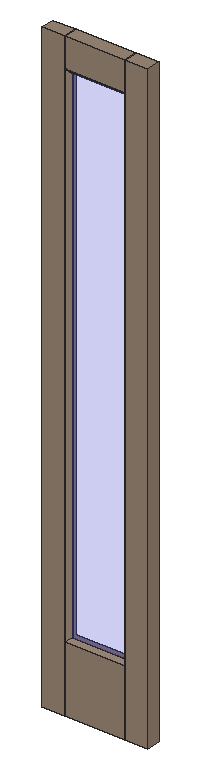
Revit family "Window-Exterior-Simpson-Craftsman-Sidelight", category Windows, host Wall, Revit 2012
Parameters (values of type "SEE CATALOG")
  Wood Species Note = "Available in Any Wood Species"  # constant formula
  Wood Species = "http://simpsondoor.com/e-catalog/#12"
  WaterBarrier with UltraBlock Technology = no
  WaterBarrier Note = "This Door Comes with The Option of WaterBarrier with UltraBlock Technology. It is Turn Off as a Default"
  UltraBlock Opion = yes
  UltraBlock Note = "This Door Comes with The Option of UltraBlock Technology. It is Turn On as a Default"
  URL = "http://www.simpsondoor.com/"
  Top Rail Height = 3 15/16"
  Sub-Series = "Craftsman"
  Product Page URL = "http://www.simpsondoor.com/door-products/exterior/craftsman-collection/"
  Product Documentation Link = "http://www.simpsondoor.com/door-products/search/detail/?BaseSpecificationID=452"
  Panel Thickness = 1 3/4"
  Panel Stile Width = 3"
  Panel = Wood - Simpson Doors - Douglas Fir
  Notes = "Dozens of glass textures and colors are available. For a list of standard options visit the Simpson web site or submit a custom glass request: http://simpsondoor.com/door-products/glass-options/"  # constant formula
  Model = "6173"
  Manufacturer = "Simpson Door Company"  # constant formula
  Insert Height = 44 3/8"
  Height = 80 1/2"
  Glass Thickness = 3/4"
  Glass Options = "http://simpsondoor.com/e-catalog/#10"
  Glass = Glass - Simpson Doors - Clear
  Frame Type = Craftsman_Sidelight-Glass_Panel : Sidelight-Panel
  Exterior Setback [instance] = 1"
  Description = "Sidelight"
  Default Sill Height = 0"  # constant formula
  Wall Closure = (empty or 0)
  Width = 14"
  Bottom Rail Height = 8 11/16"
  Assembly Code = "B2020100"
Values of the unnamed type that differ from the named types
  Wall Closure = By host
Reference planes (in)
  plane 1 "Center (Front/Back)": y = 0
  plane 2: z = 0
  plane 3 "Center (Left/Right)": x = 0
  plane 4 "Left": x = -7
  plane 5 "Right": x = 7
  plane 6 "Sill": z = 0
  plane 7 "Top": z = 80.5
  plane 8: y = 2
Lines and regions (in)
  Opening 1
    outline origin (-60, -3, 0) x (1, 0, 0) y (0, 0, 1)
      loop
        line (53, 80.5) -> (53, 0) -> (67, 0) -> (67, 80.5) -> (53, 80.5)
Text (in)
  text "EXTERIOR" at (-58.6888, 50.90694, 0), in view "Ref. Level"
  text "INTERIOR" at (-58.6888, -37.76638, 0), in view "Ref. Level"
  text "Exterior" at (0, 43.65631, 123.19604), in view "Left"
  text "Exterior" at (0, 18.29385, 125.04747), in view "Right"
Dimensions and locks (in)
  equal spacing: plane 4 "Left", plane 3 "Center (Left/Right)", plane 5 "Right"
  "Width": plane 4 "Left" to plane 5 "Right"
  "Height": plane 6 "Sill" to plane 7 "Top"
  "Default Sill Height": plane 2 to plane 6 "Sill"
  "Exterior Setback": host wall to plane 8
  aligned and locked: plane 7 "Top" to Opening 1 sketch curve
  aligned and locked: plane 6 "Sill" to Opening 1 sketch curve  (x2)
  aligned and locked: plane 5 "Right" to Opening 1 sketch curve
  aligned and locked: plane 4 "Left" to Opening 1 sketch curve
  aligned and locked: level to plane 2
  aligned and locked: plane 3 "Center (Left/Right)" to nested 1
  aligned and locked: nested 1 to plane 8
Nested families (in)
  nested 1: "Craftsman_Sidelight-Glass_Panel" at (0, 2, 0), type <- "Frame Type", type "Sidelight-Panel"
Definition of nested family "Craftsman_Sidelight-Glass_Panel"
  Parameters (values of type "Sidelight-Panel")
    Window Width = Width - (Window Side Offset * 2)  # 8"
    Window Top Offset = 3 15/16"
    Window Thickness = 3/4"
    Window Side Offset = 3"
    Window Height = Panel Height - Window Top Offset - Bottom Offset  # 67 7/8"
    Width = 14"
    Panel Thickness = 1 3/4"
    Panel Material = Wood - Simpson Doors - Douglas Fir
    Panel Height = 80 1/2"
    Insert Height = 44 3/8"
    Glass Material = Glass - Simpson Doors - Clear
    Bottom Offset = 8 11/16"
  Reference planes (in)
    plane 1 "Center (Front/Back)": y = 0
    plane 2 "Bottom": z = 0
    plane 3 "Center (Left/Right)": x = 0
    plane 4: x = -7
    plane 5: y = 0.875
    plane 6: x = 7
    plane 7: y = -0.875
    plane 8: z = 80.5
    plane 9: x = 4
    plane 10: x = -4
    plane 11: z = 76.5625
    plane 12: z = 8.6875
    plane 13: y = -0.375
    plane 14: y = 0.375
    plane 15: z = 42.625
  Forms (in)
    Extrusion 1, solid, material "Wood - Simpson Doors - Douglas Fir" <- "Panel Material"
      sketch origin (0, 0, 0) x (1, 0, 0) y (0, 0, 1)
        loop
          line (-7, 80.5) -> (-7, 0) -> (-4, 0) -> (-4, 80.5) -> (-7, 80.5)
        loop
          line (4, 80.5) -> (4, 0) -> (7, 0) -> (7, 80.5) -> (4, 80.5)
      from -0.875 to 0.875
    Extrusion 2, solid, material "Glass - Simpson Doors - Clear" <- "Glass Material"
      sketch origin (0, 0, 0) x (1, 0, 0) y (0, 0, 1)
        loop
          line (-4, 76.5625) -> (-4, 8.6875) -> (4, 8.6875) -> (4, 76.5625) -> (-4, 76.5625)
      from -0.375 to 0.375
    Sweep 3, solid, material "Wood - Simpson Doors - Douglas Fir" <- "Panel Material", detail levels medium+fine
      path origin (0, -0.375, 0) x (1, 0, 0) y (0, 0, 1)
        loop
          line (-4, 76.5625) -> (-4, 8.6875) -> (4, 8.6875) -> (4, 76.5625) -> (-4, 76.5625)
      profile origin (0, -0.375, 76.5625) x (0, 0, 1) y (0, -1, 0)
        loop
          line (0, 0) -> (0, 0.5) -> (-0.5, 0) -> (0, 0)
    Sweep 4, solid, material "Wood - Simpson Doors - Douglas Fir" <- "Panel Material", detail levels medium+fine
      path origin (0, 0.375, 0) x (1, 0, 0) y (0, 0, 1)
        loop
          line (-4, 76.5625) -> (-4, 8.6875) -> (4, 8.6875) -> (4, 76.5625) -> (-4, 76.5625)
      profile origin (0, 0.375, 76.5625) x (0, 0, 1) y (0, -1, 0)
        loop
          line (0, 0) -> (-0.5, 0) -> (0, -0.5) -> (0, 0)
    Extrusion 5, solid, material "Wood - Simpson Doors - Douglas Fir" <- "Panel Material"
      sketch origin (0, -0.875, 0) x (1, 0, 0) y (0, 0, 1)
        loop
          line (-4, 80.5) -> (-4, 76.5625) -> (4, 76.5625) -> (4, 80.5) -> (-4, 80.5)
        loop
          line (-4, 0) -> (4, 0) -> (4, 8.6875) -> (-4, 8.6875) -> (-4, 0)
      from -1.75 to 0
  Lines and regions (in)
    Masking region 1
      outline origin (0, 0, 0) x (1, 0, 0) y (0, 1, 0)
        loop
          line (-7, 0.875) -> (-7, -0.875) -> (7, -0.875) -> (7, 0.875) -> (-7, 0.875)
    Masking region 2, detail levels fine
      outline origin (0, 0, 0) x (1, 0, 0) y (0, 1, 0)
        loop
          line (7, 0.875) -> (4, 0.875) -> (3.5, 0.375) -> (4, 0.375) -> (4, -0.375) -> (3.5, -0.375) -> (4, -0.875) -> (7, -0.875) -> (7, 0.875)
        loop
          line (-7, 0.875) -> (-7, -0.875) -> (-4, -0.875) -> (-3.5, -0.375) -> (-4, -0.375) -> (-4, 0.375) -> (-3.5, 0.375) -> (-4, 0.875) -> (-7, 0.875)
    Masking region 3, detail levels medium+fine
      outline origin (0, 0, 0) x (1, 0, 0) y (0, 1, 0)
        loop
          line (-4, 0.375) -> (-4, -0.375) -> (4, -0.375) -> (4, 0.375) -> (-4, 0.375)
    symbolic lines, style "DoorsGlassProjection", detail levels coarse
      curve 1: line (-4, 0, 0) -> (4, 0, 0)
    symbolic lines, style "DoorsPanelProjection"
      curve 2: line (-4, 0.875, 0) -> (-4, -0.875, 0)
      curve 3: line (4, 0.875, 0) -> (4, -0.875, 0)
  Dimensions and locks (in)
    equal spacing: plane 5, plane 1 "Center (Front/Back)", plane 7
    equal spacing: plane 4, plane 3 "Center (Left/Right)", plane 6
    "Width": plane 4 to plane 6
    "Panel Thickness": plane 5 to plane 7
    "Panel Height": plane 8 to level
    "Window Side Offset": plane 10 to plane 4
    "Window Top Offset": plane 8 to plane 11
    "Window Width": plane 9 to plane 10
    equal spacing: plane 14, plane 1 "Center (Front/Back)", plane 13
    "Window Thickness": plane 14 to plane 13
    equal spacing: plane 11, plane 15, plane 12
    "Bottom Offset": plane 12 to level
    locked: Sweep 4 sketch curve to plane 11 (angle 45.00°)
    locked: plane 11 to Sweep 3 sketch curve (angle 45.00°)
    aligned and locked: plane 2 "Bottom" to level
    aligned and locked: Extrusion 1 sketch curve to plane 4
    aligned and locked: Extrusion 1 sketch curve to plane 10
    aligned and locked: Extrusion 1 sketch curve to plane 9
    aligned and locked: Extrusion 1 sketch curve to plane 6
    aligned and locked: Extrusion 1 sketch curve to level  (x2)
    aligned and locked: Extrusion 1 sketch curve to plane 8  (x2)
    aligned and locked: plane 5 to Extrusion 1
    aligned and locked: Extrusion 1 to plane 7
    aligned and locked: Extrusion 2 sketch curve to plane 11
    aligned and locked: Extrusion 2 sketch curve to plane 9
    aligned and locked: Extrusion 2 sketch curve to plane 10
    aligned and locked: Extrusion 2 sketch curve to plane 12
    aligned and locked: Extrusion 2 to plane 14
    aligned and locked: Extrusion 2 to plane 13
    aligned and locked: Extrusion 1 to Sweep 3 sketch curve  (x2)
    aligned and locked: plane 11 to Sweep 3 sketch curve
    aligned and locked: plane 13 to Sweep 3 sketch curve
    aligned and locked: plane 7 to Sweep 3 sketch curve
    aligned and locked: plane 5 to Sweep 4 sketch curve
    aligned and locked: plane 11 to Sweep 4 sketch curve
    aligned and locked: plane 14 to Sweep 4 sketch curve
    aligned and locked: Masking region 1 sketch curve to Extrusion 1  (x4)
    aligned and locked: plane 1 "Center (Front/Back)" to curve 1
    aligned and locked: plane 10 to curve 1
    aligned and locked: plane 9 to curve 1
    aligned and locked: curve 2 to plane 10
    aligned and locked: curve 3 to plane 9
    aligned and locked: plane 7 to curve 2
    aligned and locked: plane 5 to curve 2
    aligned and locked: plane 5 to curve 3
    aligned and locked: plane 7 to curve 3
    aligned and locked: Masking region 2 sketch curve to Extrusion 1  (x4)
    aligned and locked: Masking region 2 sketch curve to Sweep 3  (x2)
    aligned and locked: Masking region 2 sketch curve to Sweep 4  (x3)
    aligned and locked: Masking region 2 sketch curve to Extrusion 2  (x3)
    aligned and locked: plane 5 to Masking region 2 sketch curve
    aligned and locked: plane 14 to Masking region 2 sketch curve
    aligned and locked: Masking region 2 sketch curve to plane 13
    aligned and locked: Masking region 2 sketch curve to plane 7
    aligned and locked: Masking region 3 sketch curve to Extrusion 2  (x4)
    aligned and locked: Extrusion 5 sketch curve to Extrusion 1  (x2)
    aligned and locked: Extrusion 1 to Extrusion 5 sketch curve  (x2)
    aligned and locked: Extrusion 5 sketch curve to Extrusion 2  (x4)
    aligned and locked: plane 5 to Extrusion 5
    aligned and locked: Extrusion 5 to plane 7
  Automatic sketch dimensions
    Sweep 4 sketch curve to Extrusion 2 = 0"  (x3)
    Extrusion 2 to Sweep 4 sketch curve = 0"
    Sweep 3 sketch curve to Extrusion 2 = 0"  (x2)
